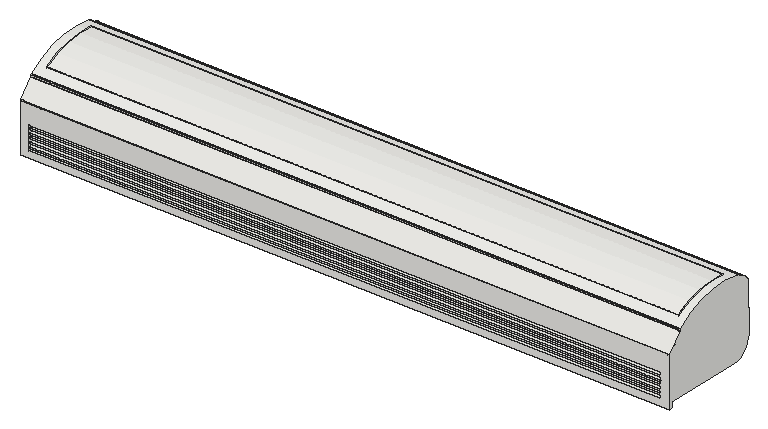
Revit family "FLOWAIR ELiS C-E-150", category Electrical Fixtures, host Face, Revit 2018
Family settings
  Host = Face
  Maintain Annotation Orientation = No
  Round Connector Dimension = Use Diameter
  Part Type = Normal
  Cut with Voids When Loaded = No
  Shared = No
  Room Calculation Point = No
Parameters (values of type "ELiS C-E-150, 3x400, 3 rychlost")
  Weight of unit = 19.90 kg
  URL = "www.hydronic.cz"
  Type Comments = "vnitřní instalace, neprašné prostředí; IP21; max dosah 3m na 3 rychlost"
  Second Material = FLOWAIR-PerforatedSteel-White
  Rated current = 14.5 A
  Product data = ""
  Product code = "14291; bílá, délka 150cm, elektrická"
  Power supply = 400 V
  Power ratio = 1
  Number of phases = 3
  Manufacturer = "Hydronic Systems Prague s.r.o."
  Main Material = FLOWAIR-Steel-White
  Load classification = Other
  Length = 1500.00 mm  # constant formula
  Heating capacity = 10 kW
  Fan = "Single phase motor with diagonal rotor"
  Description = "Dveřní clona"
  Model = "ELiS C-E-150"
  IP = "21"
  Default Elevation = 2200.00 mm
  Author = ""
  Apparent power = if(Power supply = 400 V, 230 V * 3 * Rated current, 230 V * Rated current)  # 10005 VA
Types (6, lengths in mm): name | Rated current | Power supply | Number of phases | Heating capacity | Apparent power
  ELiS C-E-150, 3x400, 1 rychlost | 13.7 A | 400 V | 3 | 9.5 kW | 9453 VA
  ELiS C-E-150, 3x400, 2 rychlost | 14 A | 400 V | 3 | 9.7 kW | 9660 VA
  ELiS C-E-150, 3x400, 3 rychlost | 14.5 A | 400 V | 3 | 10 kW | 10005 VA
  ELiS C-E-150, 1x230, 1 rychlost | 41.1 A | 230 V | 1 | 9.5 kW | 9453 VA
  ELiS C-E-150, 1x230, 2 rychlost | 42 A | 230 V | 1 | 9.7 kW | 9660 VA
  ELiS C-E-150, 1x230, 3 rychlost | 43.5 A | 230 V | 1 | 10 kW | 10005 VA
Reference planes
  plane 1 "Środek (Przód/Tył)": y = 0
  plane 2: z = 0
  plane 3 "Środek (Lewa/Prawa)": x = 0
Dimensions and locks
  aligned and locked: plane 2 to host face
  aligned and locked: level to host face
  aligned and locked: plane 3 "Środek (Lewa/Prawa)" to nested 1
  aligned and locked: plane 1 "Środek (Przód/Tył)" to nested 1
Nested families
  nested 1: "ELiS C-E" at (0, 0, 0), type "ELiS C-E"
    with długość 1500.00 mm
Connectors
  electrical at (0, 235.182, 54.049), driven by "Power supply", driven by "Apparent power", driven by "Power ratio", driven by "Load classification", driven by "Number of phases"
    settings: on nested 1, index 9, voltage 400 V, apparent load 10005 VA, apparent load phase1 0 VA, apparent load phase2 0 VA, apparent load phase3 0 VA, power factor 1, load classification "Other", number of poles 3, system type 30, power factor state 1, is connector primary yes, connector utility no, sub classification motor no, connector description ""
  electrical at (-59, 235.182, 85.024)
    settings: on nested 1, index 10, voltage 0 V, apparent load 0 VA, apparent load phase1 0 VA, apparent load phase2 0 VA, apparent load phase3 0 VA, power factor 1, load classification "Other", number of poles 1, system type 13, power factor state 1, is connector primary no, connector utility no, sub classification motor no, connector description "TS regulator"
  electrical at (59, 235.182, 85.024)
    settings: on nested 1, index 11, voltage 0 V, apparent load 0 VA, apparent load phase1 0 VA, apparent load phase2 0 VA, apparent load phase3 0 VA, power factor 1, load classification "Other", number of poles 1, system type 13, power factor state 1, is connector primary no, connector utility no, sub classification motor no, connector description "Limit switches"
Definition of nested family "ELiS C-E"
  Parameters
    materiał perforacja = none
    materiał = none
    długość = 1000.00 mm
  Reference planes
    plane 1 "Środek (Przód/Tył)": y = 0
    plane 2: z = 0
    plane 3 "Środek (Lewa/Prawa)": x = 0
    plane 4: x = -500
    plane 5: x = 500
    plane 6: x = -480
    plane 7: x = 480
    plane 8: x = 250
    plane 9: x = -250
  Forms (mm)
    Extrusion 1, solid, material <- "materiał", detail levels medium
      sketch origin (0, 300, 0) x (0, 1, 0) y (0, 0, 1)
        loop
          line (-72.756, 170.564) -> (-81.693, 181.358)
          arc (-81.693, 181.358) -> (-82.051, 181.684) -> (-82.482, 181.903) r 1.8
          line (-82.482, 181.903) -> (-98.157, 187.357)
          arc (-98.157, 187.357) -> (-98.505, 187.566) -> (-98.742, 187.895) r 1
          line (-98.742, 187.895) -> (-99.846, 190.375)
          arc (-99.846, 190.375) -> (-100.355, 191.039) -> (-101.109, 191.402) r 1.8
          arc (-101.109, 191.402) -> (-188.803, 190.806) -> (-267.88, 152.892) r 200.8
          arc (-267.88, 152.892) -> (-268.406, 152.22) -> (-268.563, 151.381) r 1.8
          line (-268.563, 151.381) -> (-268.42, 148.651)
          arc (-268.42, 148.651) -> (-268.477, 148.263) -> (-268.678, 147.927) r 1
          line (-268.678, 147.927) -> (-299.538, 113.654)
          arc (-299.538, 113.654) -> (-299.88, 113.094) -> (-300, 112.449) r 1.8
          line (-300, 112.449) -> (-300, 0) -> (-292.2, 0) -> (-292.2, 13.085) -> (-113.282, 13.085)
          arc (-113.282, 13.085) -> (-84.316, 25.083) -> (-72.318, 54.049) r 40.964
          line (-72.318, 54.049) -> (-72.318, 169.336)
          arc (-72.318, 169.336) -> (-72.431, 169.988) -> (-72.756, 170.564) r 1.943
      from -500 to 500
    Extrusion 2, solid, material <- "materiał", detail levels coarse
      sketch origin (0, 0, 0) x (0, 1, 0) y (0, 0, 1)
        loop
          arc (227.682, 182.867) -> (103.817, 188.954) -> (0, 121.12) r 200.8
          line (0, 121.12) -> (0, 0) -> (227.682, 0) -> (227.682, 182.867)
      from -500 to 500
    Extrusion 3, solid, material <- "materiał", detail levels fine
      sketch origin (0, 0, 0) x (0, 1, 0) y (0, 0, 1)
        loop
          line (227.244, 170.564) -> (218.307, 181.358)
          arc (218.307, 181.358) -> (217.949, 181.684) -> (217.518, 181.903) r 1.8
          line (217.518, 181.903) -> (201.843, 187.357)
          arc (201.843, 187.357) -> (201.495, 187.566) -> (201.258, 187.895) r 1
          line (201.258, 187.895) -> (200.154, 190.375)
          arc (200.154, 190.375) -> (199.645, 191.039) -> (198.891, 191.402) r 1.8
          arc (198.891, 191.402) -> (111.197, 190.806) -> (32.12, 152.892) r 200.8
          arc (32.12, 152.892) -> (31.594, 152.22) -> (31.437, 151.381) r 1.8
          line (31.437, 151.381) -> (31.58, 148.651)
          arc (31.58, 148.651) -> (31.523, 148.263) -> (31.322, 147.927) r 1
          line (31.322, 147.927) -> (0.462, 113.654)
          arc (0.462, 113.654) -> (0.12, 113.094) -> (0, 112.449) r 1.8
          line (0, 112.449) -> (0, 0) -> (7.8, 0) -> (7.8, 13.085) -> (186.718, 13.085)
          arc (186.718, 13.085) -> (215.684, 25.083) -> (227.682, 54.049) r 40.964
          line (227.682, 54.049) -> (227.682, 169.336)
          arc (227.682, 169.336) -> (227.569, 169.988) -> (227.244, 170.564) r 1.943
      from -500 to 500
    Extrusion 4, void
      sketch origin (0, 0, 0) x (0, 1, 0) y (0, 0, 1)
        loop
          line (52, 224.939) -> (52, 114.939) -> (180, 114.939) -> (180, 224.939) -> (52, 224.939)
      from -480 to 480
    Extrusion 5, solid, material <- "materiał perforacja", detail levels fine
      sketch origin (0, 0, 0) x (0, 1, 0) y (0, 0, 1)
        loop
          arc (180, 194.56) -> (113.664, 191.359) -> (52, 166.696) r 200.8
          line (52, 166.696) -> (52, 164.35)
          arc (52, 164.35) -> (113.61, 189.3) -> (180, 192.546) r 198.8
          line (180, 192.546) -> (180, 194.56)
      from -480 to 480
    Extrusion 6, void
      sketch origin (0, 0, 0) x (0, 1, 0) y (0, 0, 1)
        loop
          line (0, 15.085) -> (25, 15.085) -> (25, 70.085) -> (0, 70.085) -> (0, 62.585) -> (15, 62.585) -> (15, 60.585) -> (0, 60.585) -> (0, 53.085) -> (15, 53.085) -> (15, 51.085) -> (0, 51.085) -> (0, 43.585) -> (15, 43.585) -> (15, 41.585) -> (0, 41.585) -> (0, 34.085) -> (15, 34.085) -> (15, 32.085) -> (0, 32.085) -> (0, 24.585) -> (15, 24.585) -> (15, 22.585) -> (0, 22.585) -> (0, 15.085)
      from -480 to 480
    Extrusion 7, solid, material <- "materiał"
      sketch origin (0, 0, 0) x (0, 1, 0) y (0, 0, 1)
        loop
          line (10, 0) -> (172, 0) -> (172, 13.085) -> (10, 13.085) -> (10, 0)
      from -250 to 250
    Extrusion 8, solid, material <- "materiał"
      sketch origin (0, 0, 0) x (0, 1, 0) y (0, 0, 1)
        loop
          line (227.682, 54.049) -> (242.682, 54.049) -> (242.682, 116) -> (227.682, 116) -> (227.682, 54.049)
      from -59 to 59
  Cuts and joins
    Extrusion 4, Extrusion 6 cuts Extrusion 3
  Dimensions and locks
    equal spacing: plane 4, plane 3 "Środek (Lewa/Prawa)", plane 5
    "długość": plane 4 to plane 5
    locked: plane 4 to plane 6 at 20
    locked: plane 7 to plane 5 at 20
    equal spacing: plane 4, plane 9, plane 3 "Środek (Lewa/Prawa)"
    equal spacing: plane 3 "Środek (Lewa/Prawa)", plane 8, plane 5
    aligned and locked: level to plane 2
    aligned and locked: Extrusion 2 to plane 4
    aligned and locked: Extrusion 1 to plane 4
    aligned and locked: Extrusion 2 to plane 5
    aligned and locked: Extrusion 1 to plane 5
    aligned and locked: Extrusion 3 to plane 4
    aligned and locked: Extrusion 3 to plane 5
    aligned and locked: Extrusion 4 to plane 6
    aligned and locked: Extrusion 4 to plane 7
    aligned and locked: Extrusion 5 to plane 6
    aligned and locked: Extrusion 5 to plane 7
    aligned and locked: Extrusion 6 to plane 7
    aligned and locked: Extrusion 6 to plane 6
    aligned and locked: plane 8 to Extrusion 7
    aligned and locked: plane 9 to Extrusion 7
  Automatic sketch dimensions
    Extrusion 1 sketch curve to level = 0.00 mm
    Extrusion 1 sketch curve to plane 1 "Środek (Przód/Tył)" = 0.00 mm
    Extrusion 1 sketch curve to Extrusion 1 sketch curve = 1.80 mm
    Extrusion 1 sketch curve to plane 1 "Środek (Przód/Tył)" = 7.80 mm
    Extrusion 1 sketch curve to plane 1 "Środek (Przód/Tył)" = 30.581 mm
    Extrusion 1 sketch curve to Extrusion 1 sketch curve = 0.742 mm
    Extrusion 1 sketch curve to Extrusion 1 sketch curve = 0.856 mm
    Extrusion 1 sketch curve to Extrusion 1 sketch curve = 1.797 mm
    Extrusion 1 sketch curve to plane 1 "Środek (Przód/Tył)" = 156.375 mm
    Extrusion 1 sketch curve to Extrusion 1 sketch curve = 30.343 mm
    Extrusion 1 sketch curve to Extrusion 1 sketch curve = 165.276 mm
    Extrusion 1 sketch curve to Extrusion 1 sketch curve = 3.662 mm
    Extrusion 1 sketch curve to Extrusion 1 sketch curve = 14.754 mm
    Extrusion 1 sketch curve to Extrusion 1 sketch curve = 1.38 mm
    Extrusion 1 sketch curve to Extrusion 1 sketch curve = 8.812 mm
    Extrusion 1 sketch curve to Extrusion 1 sketch curve = 1.505 mm
    Extrusion 1 sketch curve to Extrusion 1 sketch curve = 40.964 mm
    Extrusion 1 sketch curve to Extrusion 1 sketch curve = 13.085 mm
    Extrusion 1 sketch curve to Extrusion 1 sketch curve = 58.894 mm
    Extrusion 1 sketch curve to Extrusion 1 sketch curve = 117.295 mm
    Extrusion 1 sketch curve to Extrusion 1 sketch curve = 35.478 mm
    Extrusion 1 sketch curve to Extrusion 1 sketch curve = 0.671 mm
    Extrusion 1 sketch curve to Extrusion 1 sketch curve = 2.783 mm
    Extrusion 1 sketch curve to Extrusion 1 sketch curve = 0.097 mm
    Extrusion 1 sketch curve to Extrusion 1 sketch curve = 174.181 mm
    Extrusion 1 sketch curve to Extrusion 1 sketch curve = 10.867 mm
    Extrusion 1 sketch curve to Extrusion 1 sketch curve = 1.155 mm
    Extrusion 1 sketch curve to Extrusion 1 sketch curve = 8.099 mm
    Extrusion 1 sketch curve to Extrusion 1 sketch curve = 1.341 mm
    Extrusion 1 sketch curve to plane 1 "Środek (Przód/Tył)" = 0.462 mm
    Extrusion 1 sketch curve to Extrusion 1 sketch curve = 0.00 mm  (x14)
    Extrusion 1 sketch curve to Extrusion 1 sketch curve = 0.257 mm
    Extrusion 1 sketch curve to Extrusion 1 sketch curve = 1.263 mm
    Extrusion 1 sketch curve to Extrusion 1 sketch curve = 0.914 mm
    Extrusion 1 sketch curve to Extrusion 1 sketch curve = 0.585 mm
    Extrusion 1 sketch curve to Extrusion 1 sketch curve = 0.789 mm
    Extrusion 1 sketch curve to Extrusion 1 sketch curve = 0.944 mm
    Extrusion 2 sketch curve to level = 0.00 mm
    Extrusion 2 sketch curve to Extrusion 2 sketch curve = 71.306 mm
    Extrusion 2 sketch curve to Extrusion 2 sketch curve = 4.846 mm
    Extrusion 2 sketch curve to plane 1 "Środek (Przód/Tył)" = 0.00 mm
    Extrusion 2 sketch curve to Extrusion 2 sketch curve = 125.966 mm
    Extrusion 2 sketch curve to plane 1 "Środek (Przód/Tył)" = 156.375 mm
    plane 1 "Środek (Przód/Tył)" to Extrusion 3 sketch curve = 0.00 mm
    Extrusion 3 sketch curve to Extrusion 3 sketch curve = 1.80 mm
    Extrusion 3 sketch curve to Extrusion 3 sketch curve = 7.80 mm
    Extrusion 3 sketch curve to Extrusion 3 sketch curve = 28.781 mm
    Extrusion 3 sketch curve to Extrusion 3 sketch curve = 0.742 mm
    Extrusion 3 sketch curve to Extrusion 3 sketch curve = 0.856 mm
    Extrusion 3 sketch curve to Extrusion 3 sketch curve = 1.797 mm
    Extrusion 3 sketch curve to Extrusion 3 sketch curve = 148.575 mm
    Extrusion 3 sketch curve to Extrusion 3 sketch curve = 30.343 mm
    Extrusion 3 sketch curve to Extrusion 3 sketch curve = 165.276 mm
    Extrusion 3 sketch curve to Extrusion 3 sketch curve = 3.662 mm
    Extrusion 3 sketch curve to Extrusion 3 sketch curve = 14.754 mm
    Extrusion 3 sketch curve to Extrusion 3 sketch curve = 1.38 mm
    Extrusion 3 sketch curve to Extrusion 3 sketch curve = 8.812 mm
    Extrusion 3 sketch curve to Extrusion 3 sketch curve = 1.505 mm
    Extrusion 3 sketch curve to Extrusion 3 sketch curve = 40.964 mm
    level to Extrusion 3 sketch curve = 0.00 mm
    Extrusion 3 sketch curve to Extrusion 3 sketch curve = 13.085 mm
    Extrusion 3 sketch curve to Extrusion 3 sketch curve = 58.894 mm
    Extrusion 3 sketch curve to Extrusion 3 sketch curve = 117.295 mm
    Extrusion 3 sketch curve to Extrusion 3 sketch curve = 35.478 mm
    Extrusion 3 sketch curve to Extrusion 3 sketch curve = 0.671 mm
    Extrusion 3 sketch curve to Extrusion 3 sketch curve = 2.783 mm
    Extrusion 3 sketch curve to Extrusion 3 sketch curve = 0.097 mm
    Extrusion 3 sketch curve to Extrusion 3 sketch curve = 174.181 mm
    Extrusion 3 sketch curve to Extrusion 3 sketch curve = 10.867 mm
    Extrusion 3 sketch curve to Extrusion 3 sketch curve = 1.155 mm
    Extrusion 3 sketch curve to Extrusion 3 sketch curve = 8.099 mm
    Extrusion 3 sketch curve to Extrusion 3 sketch curve = 1.341 mm
    Extrusion 3 sketch curve to Extrusion 3 sketch curve = 0.462 mm
    Extrusion 3 sketch curve to Extrusion 3 sketch curve = 0.00 mm  (x14)
    Extrusion 3 sketch curve to Extrusion 3 sketch curve = 0.257 mm
    Extrusion 3 sketch curve to Extrusion 3 sketch curve = 1.263 mm
    Extrusion 3 sketch curve to Extrusion 3 sketch curve = 0.914 mm
    Extrusion 3 sketch curve to Extrusion 3 sketch curve = 0.585 mm
    Extrusion 3 sketch curve to Extrusion 3 sketch curve = 0.789 mm
    Extrusion 3 sketch curve to Extrusion 3 sketch curve = 0.944 mm
    Extrusion 4 sketch curve to Extrusion 4 sketch curve = 128.00 mm
    level to Extrusion 4 sketch curve = 114.939 mm
    Extrusion 4 sketch curve to Extrusion 4 sketch curve = 110.00 mm
    Extrusion 4 sketch curve to plane 1 "Środek (Przód/Tył)" = 52.00 mm
    Extrusion 5 sketch curve to plane 1 "Środek (Przód/Tył)" = 156.375 mm
    Extrusion 5 sketch curve to level = 4.846 mm
    Extrusion 5 sketch curve to plane 1 "Środek (Przód/Tył)" = 52.00 mm
    Extrusion 5 sketch curve to Extrusion 5 sketch curve = 23.625 mm
    Extrusion 5 sketch curve to Extrusion 5 sketch curve = 25.85 mm
    Extrusion 5 sketch curve to Extrusion 5 sketch curve = 2.346 mm
    Extrusion 5 sketch curve to Extrusion 5 sketch curve = 0.00 mm  (x2)
    Extrusion 7 sketch curve to level = 0.00 mm
    Extrusion 7 sketch curve to plane 1 "Środek (Przód/Tył)" = 10.00 mm
    Extrusion 7 sketch curve to Extrusion 7 sketch curve = 162.00 mm
    level to Extrusion 7 sketch curve = 13.085 mm
    Extrusion 8 sketch curve to plane 1 "Środek (Przód/Tył)" = 227.682 mm
    level to Extrusion 8 sketch curve = 116.00 mm
    level to Extrusion 8 sketch curve = 54.049 mm
    Extrusion 8 sketch curve to Extrusion 8 sketch curve = 15.00 mm
    Extrusion 6 sketch curve to plane 1 "Środek (Przód/Tył)" = 0.00 mm  (x6)
    Extrusion 6 sketch curve to Extrusion 6 sketch curve = 15.00 mm
    Extrusion 6 sketch curve to Extrusion 6 sketch curve = 0.00 mm  (x4)
    Extrusion 6 sketch curve to Extrusion 6 sketch curve = 10.00 mm
    level to Extrusion 6 sketch curve = 15.085 mm
    Extrusion 6 sketch curve to Extrusion 6 sketch curve = 7.50 mm  (x6)
    Extrusion 6 sketch curve to Extrusion 6 sketch curve = 2.00 mm  (x5)
